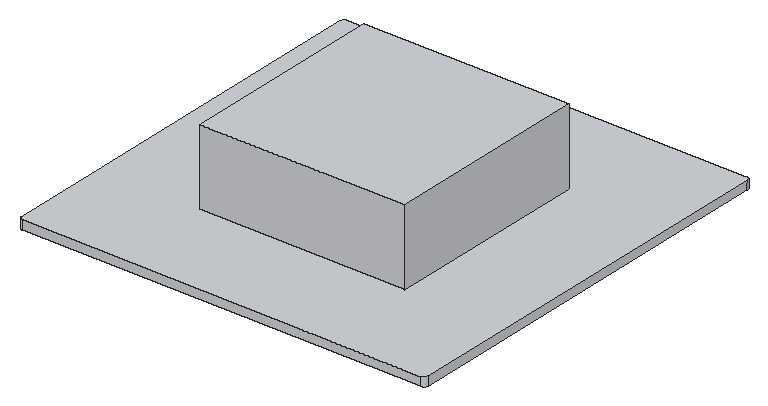
Revit family "Atlas_Sound_IP-22SYSM_Ceiling_Mounted", category Communication Devices, host Ceiling, Revit 2016
Family settings
  Host = Ceiling
  Maintain Annotation Orientation = No
  Part Type = Normal
  Round Connector Dimension = Use Diameter
  Work Plane-Based = No
  Always vertical = Yes
  Cut with Voids When Loaded = No
  Shared = No
  Room Calculation Point = No
Parameters
  Warranty Duration (Years) = 0
  URL = "https://www.atlasied.com/ip-22sysm"
  Specification = ""
  SpecWizard = ""
  Send Message = ""
  Sales Information = ""
  Revision = ""
  Product Properties = ""
  Product Data = "https://www.atlasied.com/f/5898/ipx-series-endpoint-speaker-install-sheet.pdf"
  OmniClass Title = ""
  OmniClass Number = ""
  MasterFormat04 Keynote = ""
  Manufacturer's Notes = ""
  Manufacturer Website = "https://www.atlasied.com/"
  Manufacturer Phone - Toll Free = "800-876-3333"
  Manufacturer Phone = "602-438-4545"
  Manufacturer Fax = "602-438-8692"
  Manufacturer Email = ""
  Manufacturer Address = "4545 E. Baseline Rd. Phoenix, AZ 85040"
  Manufacturer = "Atlas Sound"
  Maintenance Schedule (Months) = 0
  Installation-Fabrication = "https://www.atlasied.com/f/5898/ipx-series-endpoint-speaker-install-sheet.pdf"
  Installation Phase = ""
  Green Building-LEED = ""
  Expected Lifespan (Years) = 0
  Drawn By = "Matt Wunch"
  Description = "POE+ indoor 2' x 2' suspended ceiling mount IP speaker with paging microphone"
  Copyright = "Arcat, Inc. ©2018"
  Construction Details = ""
  Company_ID = 0
  Category = ""
  Building Codes = ""
Reference planes (in)
  plane 1 "Center (Front/Back)": y = 0
  plane 2 "Ceiling": z = 96
  plane 3 "Center (Left/Right)": x = 0
Lines and regions (in)
  model lines
    curve 1: line (0.16406, -23.58594, 96) -> (0.16406, -0.41406, 96)
    curve 2: arc (0.16406, -0.41406, 96) -> (0.23729, -0.23729, 96) -> (0.41406, -0.16406, 96) r 0.25
    curve 3: line (0.41406, -0.16406, 96) -> (23.58594, -0.16406, 96)
    curve 4: arc (23.58594, -0.16406, 96) -> (23.76271, -0.23729, 96) -> (23.83594, -0.41406, 96) r 0.25
    curve 5: line (23.83594, -0.41406, 96) -> (23.83594, -23.58594, 96)
    curve 6: arc (23.83594, -23.58594, 96) -> (23.76271, -23.76271, 96) -> (23.58594, -23.83594, 96) r 0.25
    curve 7: line (23.58594, -23.83594, 96) -> (0.41406, -23.83594, 96)
    curve 8: arc (0.41406, -23.83594, 96) -> (0.23729, -23.76271, 96) -> (0.16406, -23.58594, 96) r 0.25
Dimensions and locks (in)
  equal spacing: host sketch curve, plane 3 "Center (Left/Right)", host sketch curve
  equal spacing: host sketch curve, plane 1 "Center (Front/Back)", host sketch curve
  host sketch curve to host sketch curve = 10' - 0"  (x2)
Nested families (in)
  nested 1: "Atlas_Sound_IP-22SYSM" at (12, -12, 96), type "Atlas_Sound_IP-22SYSM"
Connectors (in)
  electrical at (12, -12, 100.89063)
    settings: on nested 1, index 1, voltage 0 V, apparent load 0 VA, apparent load phase1 0 VA, apparent load phase2 0 VA, apparent load phase3 0 VA, power factor 1, load classification "Other", number of poles 1, system type 14, power factor state 1, is connector primary yes, connector utility no, sub classification motor no, connector description ""
Definition of nested family "Atlas_Sound_IP-22SYSM"
  Parameters (values of type "Atlas_Sound_IP-22SYSM")
    Warranty Duration (Years) = 0
    URL = "https://www.atlasied.com/ip-sm"
    Specification = ""
    SpecWizard = ""
    Send Message = ""
    Sales Information = ""
    Revision = ""
    Product Properties = ""
    Product Data = "https://www.atlasied.com/f/5898/ipx-series-endpoint-speaker-install-sheet.pdf"
    OmniClass Title = ""
    OmniClass Number = ""
    Model = "IP-SM"
    MasterFormat04 Keynote = ""
    Manufacturer's Notes = ""
    Manufacturer Website = "https://www.atlasied.com/"
    Manufacturer Phone - Toll Free = "800-876-3333"
    Manufacturer Phone = "602-438-4545"
    Manufacturer Fax = "602-438-8692"
    Manufacturer Email = ""
    Manufacturer Address = "4545 E. Baseline Rd. Phoenix, AZ 85040"
    Manufacturer = "Atlas Sound"
    Maintenance Schedule (Months) = 0
    Length = 1' - 11 43/64"
    Installation-Fabrication = "https://www.atlasied.com/f/5898/ipx-series-endpoint-speaker-install-sheet.pdf"
    Installation Phase = ""
    Green Building-LEED = ""
    Expected Lifespan (Years) = 0
    Drawn By = "Matt Wunch"
    Description = "POE+ indoor wall / ceiling mount IP speaker with paging microphone"
    Copyright = "Arcat, Inc. ©2018"
    Construction Details = ""
    Company_ID = 38830
    Category = ""
    Building Codes = ""
  Reference planes (in)
    plane 1 "Center (Front/Back)": y = 0
    plane 2: z = 0
    plane 3 "Center (Left/Right)": x = 0
    plane 4: x = -11.83594
    plane 5: x = 11.83594
    plane 6: y = -11.83594
    plane 7: y = 11.83594
  Forms (in)
    Extrusion 1, solid
      sketch origin (0, 0, 0) x (1, 0, 0) y (0, 1, 0)
        loop
          arc (-11.58594, 11.83594) -> (-11.76271, 11.76271) -> (-11.83594, 11.58594) r 0.25
          line (-11.83594, 11.58594) -> (-11.83594, -11.58594)
          arc (-11.83594, -11.58594) -> (-11.76271, -11.76271) -> (-11.58594, -11.83594) r 0.25
          line (-11.58594, -11.83594) -> (11.58594, -11.83594)
          arc (11.58594, -11.83594) -> (11.76271, -11.76271) -> (11.83594, -11.58594) r 0.25
          line (11.83594, -11.58594) -> (11.83594, 11.58594)
          arc (11.83594, 11.58594) -> (11.76271, 11.76271) -> (11.58594, 11.83594) r 0.25
          line (11.58594, 11.83594) -> (-11.58594, 11.83594)
      from 0 to 0.5
    Extrusion 2, solid
      sketch origin (-0.69085, -0.86316, 0) x (1, 0, 0) y (0, 1, 0)
        loop
          line (-5.27915, 6.83316) -> (-5.27915, -5.10684) -> (6.66085, -5.10684) -> (6.66085, 6.83316) -> (-5.27915, 6.83316)
      from 0 to 4.89062
  Lines and regions (in)
    symbolic lines
      curve 1: line (-12, 12, 0) -> (12, 12, 0)
      curve 2: line (-12, -12, 0) -> (-12, 12, 0)
      curve 3: line (12, -12, 0) -> (-12, -12, 0)
      curve 4: line (12, 12, 0) -> (12, -12, 0)
  Dimensions and locks (in)
    equal spacing: plane 4, plane 3 "Center (Left/Right)", plane 5
    "Length": plane 4 to plane 5
    equal spacing: plane 7, plane 1 "Center (Front/Back)", plane 6
    "Length": plane 7 to plane 6
    aligned and locked: plane 2 to level
    aligned and locked: Extrusion 1 sketch curve to plane 4
    aligned and locked: Extrusion 1 sketch curve to plane 7
    aligned and locked: Extrusion 1 sketch curve to plane 5
    aligned and locked: Extrusion 1 sketch curve to plane 6
  Automatic sketch dimensions
    Extrusion 1 sketch curve to plane 4 = 0' - 0 1/4"  (x2)
    Extrusion 1 sketch curve to plane 5 = 0' - 0 1/4"  (x2)
    curve 3 to plane 7 = 1' - 11 107/128"
    plane 4 to curve 3 = 0' - 0 21/128"
    curve 3 to plane 4 = 1' - 11 107/128"
    curve 2 to curve 2 = 2' - 0"
    Extrusion 2 sketch curve to plane 3 "Center (Left/Right)" = 0' - 5.97"
    plane 3 "Center (Left/Right)" to Extrusion 2 sketch curve = 0' - 5.97"
    plane 1 "Center (Front/Back)" to Extrusion 2 sketch curve = 0' - 5.97"
    Extrusion 2 sketch curve to plane 1 "Center (Front/Back)" = 0' - 5.97"
